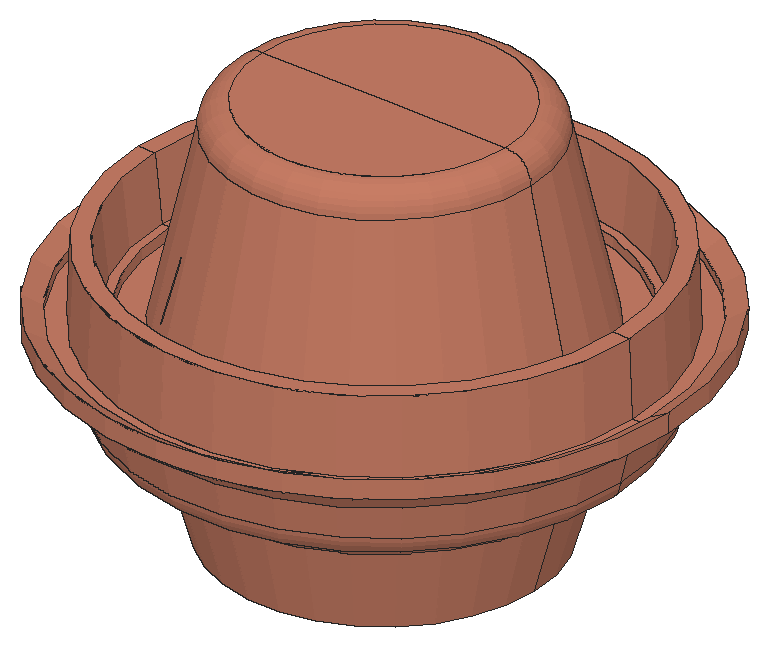
Revit family (continued)
Automatic sketch dimensions
  curve 277 to curve 278 = 0.03762"
  curve 277 to curve 280 = 0.9095"
  curve 280 to curve 280 = 0.01881"
  curve 281 to curve 282 = 0.03762"
  curve 281 to curve 284 = 0.9095"
  curve 284 to curve 284 = 0.01881"
  curve 285 to curve 286 = 0.03762"
  curve 285 to curve 288 = 0.9095"
  curve 288 to curve 288 = 0.01881"
  curve 289 to curve 290 = 0.03762"
  curve 289 to curve 292 = 0.9095"
  curve 292 to curve 292 = 0.01881"
  curve 293 to curve 294 = 0.03762"
  curve 293 to curve 296 = 0.9095"
  curve 296 to curve 296 = 0.01881"
  curve 297 to curve 298 = 0.03762"
  curve 297 to curve 300 = 0.9095"
  curve 300 to curve 300 = 0.01881"
  curve 301 to curve 302 = 0.03762"
  curve 301 to curve 304 = 0.9095"
  curve 304 to curve 304 = 0.01881"
  curve 305 to curve 306 = 0.03762"
  curve 305 to curve 308 = 0.9095"
  curve 308 to curve 308 = 0.01881"
  curve 309 to curve 310 = 0.03762"
  curve 309 to curve 312 = 0.9095"
  curve 312 to curve 312 = 0.01881"
  curve 313 to curve 314 = 0.03762"
  curve 313 to curve 316 = 0.9095"
  curve 316 to curve 316 = 0.01881"
  curve 317 to curve 318 = 0.03762"
  curve 317 to curve 320 = 0.9095"
  curve 320 to curve 320 = 0.01881"
  curve 321 to curve 322 = 0.03762"
  curve 321 to curve 324 = 0.9095"
  curve 324 to curve 324 = 0.01881"
  curve 325 to curve 326 = 0.03762"
  curve 325 to curve 328 = 0.9095"
  curve 328 to curve 328 = 0.01881"
  curve 329 to curve 330 = 0.03762"
  curve 329 to curve 332 = 0.9095"
  curve 332 to curve 332 = 0.01881"
  level to Revolve 1 sketch curve = 0.50522"
  Revolve 1 sketch curve to plane 4 = 2.82674"
  Revolve 1 sketch curve to Revolve 1 sketch curve = 0.02006"
  Revolve 1 sketch curve to Revolve 1 sketch curve = 0.12697"
  Revolve 1 sketch curve to Revolve 1 sketch curve = 0.21519"
  Revolve 1 sketch curve to Revolve 1 sketch curve = 1/4"  (x2)
  Revolve 1 sketch curve to Revolve 1 sketch curve = 0.05198"
  Revolve 1 sketch curve to Revolve 1 sketch curve = 0.01341"
  Revolve 1 sketch curve to Revolve 1 sketch curve = 0.06375"
  Revolve 1 sketch curve to Revolve 1 sketch curve = 0.10331"
  Revolve 1 sketch curve to Revolve 1 sketch curve = 0.16635"
  Revolve 1 sketch curve to Revolve 1 sketch curve = 0.22728"
  level to Revolve 1 sketch curve = 0.27387"
  Revolve 1 sketch curve to Revolve 1 sketch curve = 0.11697"
  Revolve 1 sketch curve to Revolve 1 sketch curve = 0.0822"
  Revolve 1 sketch curve to plane 4 = 1.55799"
  Revolve 1 sketch curve to Revolve 1 sketch curve = 0.65149"
  Revolve 1 sketch curve to Revolve 1 sketch curve = 0.61505"
  Revolve 1 sketch curve to Revolve 1 sketch curve = 0.46045"
  Revolve 1 sketch curve to Revolve 1 sketch curve = 0.72918"
  Revolve 1 sketch curve to Revolve 1 sketch curve = 0.51504"
  level to Revolve 1 sketch curve = 0.23467"
  plane 6 to Revolve 1 sketch curve = 0.56772"
  plane 6 to Revolve 1 sketch curve = 2.46223"
  Revolve 1 sketch curve to Revolve 1 sketch curve = 0.05142"
  Revolve 1 sketch curve to Revolve 1 sketch curve = 0.08366"
  Revolve 1 sketch curve to Revolve 1 sketch curve = 0.02102"
  Revolve 1 sketch curve to Revolve 1 sketch curve = 0.02042"
  Revolve 1 sketch curve to Revolve 1 sketch curve = 0.22147"
  Revolve 1 sketch curve to Revolve 1 sketch curve = 0.18283"
  Revolve 1 sketch curve to Revolve 1 sketch curve = 0.83035"
  Revolve 1 sketch curve to Revolve 1 sketch curve = 0.23467"
  plane 7 to Revolve 1 sketch curve = 4.98131"
  plane 6 to Revolve 1 sketch curve = 0"
Connectors (in)
  piping at (-0.25, 0, -5.29687), driven by "Outlet Radius"
    settings: on Revolve 1, index 1
Types (6): name | Pipe Diameter | Outlet Radius
  1080-02 | 2" | 1"
  1080-03 | 3" | 1 1/2"
  1080-04 | 4" | 2"
  1080-05 | 5" | 2 1/2"
  1080-06 | 6" | 3"
  1080-08 | 8" | 4"
